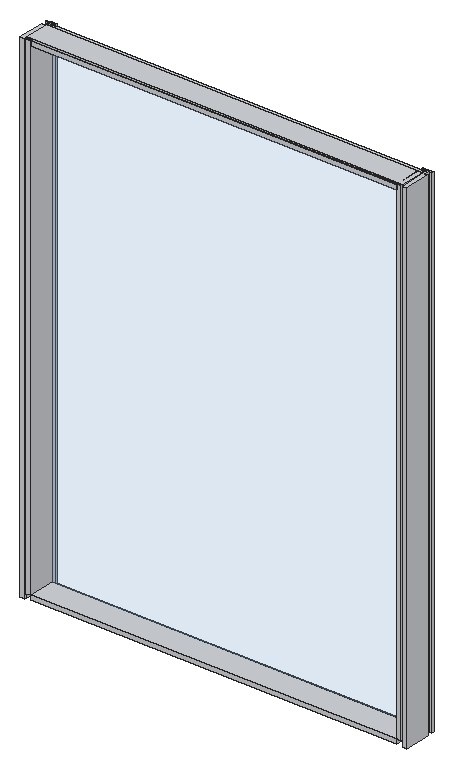
Revit family "Simple Curtain Panel Placeholder_content", category Curtain Panels, Revit 2024
Family settings
  OmniClass Number = 23.25.20.14.11.11.17
  OmniClass Title = Infill Panels
  Always vertical = Yes
  Cut with Voids When Loaded = No
  Shared = No
Parameters
  yes [instance] = not(no)  # yes
  no [instance] = 1 > 2  # no
  is_full spandrel [instance] = no
  is_full clear [instance] = no
  is_double pane spandrel [instance] = no
  is_double pane clear [instance] = no
  CWPL_$Width [instance] = 3000 mm
  CWPL_$Height [instance] = 4000 mm
Reference planes
  plane 1 "Center (Front/Back)": y = 0
  plane 2: z = 0
  plane 3 "Center (Left/Right)": x = 0
  plane 4 "Left": x = -1500
  plane 5 "Right": x = 1500
  plane 6 "Top": z = 4000
Text (mm)
  text "Exterior" at (-2351.972, 1416.179, 0), in view "Ref. Level"
  text "Exterior" at (0, 2290.741, 4406.713), in view "Left"
  text "Exterior" at (0, 1328.187, 4120.349), in view "Right"
Dimensions and locks
  equal spacing: plane 4 "Left", plane 3 "Center (Left/Right)", plane 5 "Right"
  "CWPL_$Width": plane 4 "Left" to plane 5 "Right"
  "CWPL_$Height": plane 2 to plane 6 "Top"
  aligned and locked: level to plane 2
  aligned and locked: nested 1 to plane 1 "Center (Front/Back)"
  aligned and locked: plane 5 "Right" to nested 1
Nested families
  nested 1: "Panel" at (1500, 0, 0) x (-1, 0, 0) z (0, 0, 1), H <- "CWPL_$Height", W <- "CWPL_$Width", type "Panel"
    with yes yes, no no, is_full spandrel no, is_full clear no, is_double pane spandrel no, is_double pane clear no, W 3000 mm, H 4000 mm
Definition of nested family "Panel"
  Parameters (values of type "Panel")
    yes [instance] = not(no)  # yes
    no [instance] = 1 > 2  # no
    is_full spandrel [instance] = no
    is_full clear [instance] = no
    is_double pane spandrel [instance] = no
    is_double pane clear [instance] = no
    W [instance] = 1500 mm
    H [instance] = 4500 mm
    Default Elevation = 1219.2 mm
  Reference planes
    plane 1 "Center (Front/Back)": y = 0
    plane 2: z = 0
    plane 3 "Center (Left/Right)": x = 0
    plane 4: x = 1500
    plane 5 "top": z = 4500
  Forms (mm)
    Sweep 1, solid
      path in 3D
        loop
          line (0, 0, 0) -> (1500, 0, 0)
      profile "Glass Profile : Glass Profile" origin (750, 0, 0) x (0, 1, 0) y (0, 0, 1)
        loop
          line (0, 4500) -> (0, 0) -> (40, 0) -> (40, 4500) -> (0, 4500)
    Sweep 2, solid
      path in 3D
        loop
          line (0, 0, 4500) -> (0, 0, 0)
      profile "Mullion_V_Solid : Mullion_V_Solid" origin (0, 0, 2250) x (1, 0, 0) y (0, -1, 0)
        loop
          line (40, -250) -> (40, -40) -> (15, -40) -> (15, 0) -> (40, 0) -> (40, 15) -> (-40, 15) -> (-40, 0) -> (-15, 0) -> (-15, -40) -> (-40, -40) -> (-40, -250) -> (-5, -250) -> (-5, -240) -> (5, -240) -> (5, -250) -> (40, -250)
    Sweep 3, solid
      path in 3D
        loop
          line (1500, 0, 0) -> (1500, 0, 4500)
      profile "Mullion_V_Solid : Mullion_V_Solid" origin (1500, 0, 2250) x (-1, 0, 0) y (0, -1, 0)
        loop
          line (40, -250) -> (40, -40) -> (15, -40) -> (15, 0) -> (40, 0) -> (40, 15) -> (-40, 15) -> (-40, 0) -> (-15, 0) -> (-15, -40) -> (-40, -40) -> (-40, -250) -> (-5, -250) -> (-5, -240) -> (5, -240) -> (5, -250) -> (40, -250)
    Sweep 4, solid
      path in 3D
        loop
          line (0, 0, 4500) -> (1500, 0, 4500)
      profile "Mullion_H_Top_Solid : Mullion_H_Top_Solid" origin (750, 0, 4500) x (0, 1, 0) y (0, 0, 1)
        loop
          line (40, -40) -> (250, -40) -> (250, -5) -> (240, -5) -> (240, 5) -> (40, 5) -> (40, -5) -> (0, -5) -> (0, -15) -> (40, -15) -> (40, -40)
    Sweep 5, solid
      path in 3D
        loop
          line (0, 0, 0) -> (1500, 0, 0)
      profile "Mullion_H_BM_Solid : Mullion_H_BM_Solid" origin (750, 0, 0) x (0, 1, 0) y (0, 0, 1)
        loop
          line (40, 40) -> (40, 15) -> (0, 15) -> (0, 5) -> (250, 5) -> (250, 40) -> (40, 40)
    Sweep 6, void
      path in 3D
        loop
          line (0, 0, 4500) -> (0, 0, 0)
      profile "Mullion_V_Void : Mullion_V_Void" origin (0, 0, 2250) x (1, 0, 0) y (0, -1, 0)
        loop
          line (40, -40) -> (15, -40) -> (15, 0) -> (40, 0) -> (40, 200) -> (-300, 200) -> (-300, -300) -> (40, -300) -> (40, -40)
    Sweep 7, void
      path in 3D
        loop
          line (1500, 0, 0) -> (1500, 0, 4500)
      profile "Mullion_V_Void : Mullion_V_Void" origin (1500, 0, 2250) x (-1, 0, 0) y (0, -1, 0)
        loop
          line (40, -40) -> (15, -40) -> (15, 0) -> (40, 0) -> (40, 200) -> (-300, 200) -> (-300, -300) -> (40, -300) -> (40, -40)
    Sweep 8, void
      path in 3D
        loop
          line (0, 0, 4500) -> (1500, 0, 4500)
      profile "Mullion_H_Top_Void : Mullion_H_Top_Void" origin (750, 0, 4500) x (0, 1, 0) y (0, 0, 1)
        loop
          line (250, 200) -> (-100, 200) -> (-100, 0) -> (0, 0) -> (0, -5) -> (40, -5) -> (40, 5) -> (250, 5) -> (250, 200)
    Sweep 9, void
      path in 3D
        loop
          line (0, 0, 0) -> (1500, 0, 0)
      profile "Mullion_H_BM_Void : Mullion_H_BM_Void" origin (750, 0, 0) x (0, 1, 0) y (0, 0, 1)
        loop
          line (40, 40) -> (40, 15) -> (0, 15) -> (0, 0) -> (-200, 0) -> (-200, -300) -> (250, -300) -> (250, 40) -> (40, 40)
  Cuts and joins
    Sweep 6, Sweep 7, Sweep 8, Sweep 9 cuts Sweep 1
    Sweep 6, Sweep 7 cuts Sweep 4
    Sweep 6, Sweep 7 cuts Sweep 5
    Sweep 8, Sweep 9 cuts Sweep 3
    Sweep 8, Sweep 9 cuts Sweep 2
  Lines and regions (mm)
    model lines
      curve 1: line (298.666, 0, 2204.722) -> (1298.666, 0, 2204.722)
      curve 2: line (1298.666, 0, 2204.722) -> (1015.823, 0, 2487.565)
    reference lines
      curve 3: line (0, 0, 0) -> (1500, 0, 0)
      curve 5: line (0, 0, 4500) -> (0, 0, 0)
      curve 6: line (1500, 0, 0) -> (1500, 0, 4500)
      curve 9: line (0, 0, 4500) -> (1500, 0, 4500)
    sketch lines
      curve 4: line (0, 0, 0) -> (1500, 0, 0)
      curve 7: line (0, 0, 4500) -> (0, 0, 0)
      curve 8: line (1500, 0, 0) -> (1500, 0, 4500)
      curve 10: line (0, 0, 4500) -> (1500, 0, 4500)
      curve 11: line (0, 0, 0) -> (1500, 0, 0)
      curve 12: line (0, 0, 4500) -> (0, 0, 0)
      curve 13: line (1500, 0, 0) -> (1500, 0, 4500)
      curve 14: line (0, 0, 4500) -> (1500, 0, 4500)
      curve 15: line (0, 0, 0) -> (1500, 0, 0)
  Dimensions and locks
    "W": plane 4 to plane 3 "Center (Left/Right)"
    "H": plane 2 to plane 5 "top"
    aligned and locked: level to plane 2
    aligned and locked: plane 4 to curve 3
    aligned and locked: plane 3 "Center (Left/Right)" to curve 3
    aligned and locked: plane 1 "Center (Front/Back)" to curve 3
    aligned and locked: plane 5 "top" to curve 5
    aligned and locked: plane 2 to curve 5
    aligned and locked: curve 5 to plane 3 "Center (Left/Right)"
    aligned and locked: plane 4 to curve 6
    aligned and locked: plane 2 to curve 6
    aligned and locked: plane 5 "top" to curve 6
  Automatic sketch dimensions
    plane 3 "Center (Left/Right)" to curve 1 = 298.666 mm
    curve 1 to plane 4 = 201.334 mm
    level to curve 1 = 2204.722 mm
    curve 2 to curve 1 = 282.843 mm
    curve 2 to curve 2 = 282.843 mm
    plane 1 "Center (Front/Back)" to curve 9 = 0 mm
    curve 9 to plane 3 "Center (Left/Right)" = 0 mm
    curve 9 to plane 4 = 0 mm
